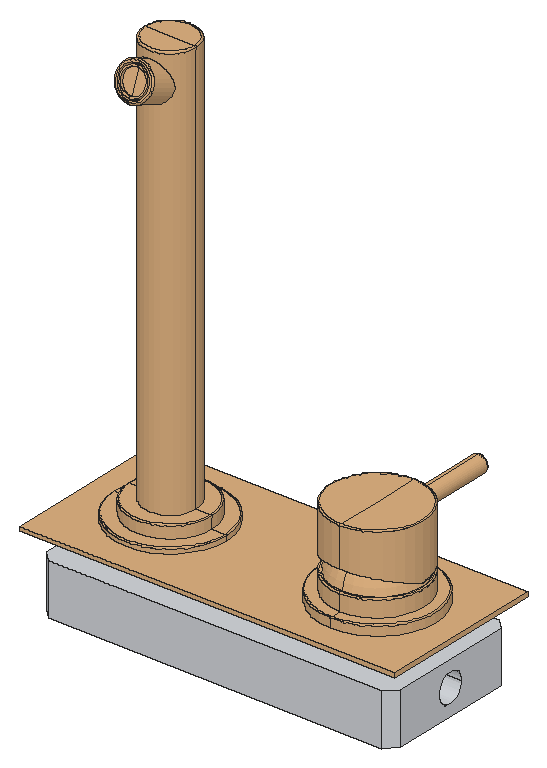
Revit family "Reece_Tap_Sussex_Scala_Straight_Basin Mixer System", category Plumbing Fixtures, host Face, Revit 2018
Family settings
  Host = Face
  Round Connector Dimension = Use Diameter
  Part Type = Normal
  Cut with Voids When Loaded = No
  Shared = Yes
  Room Calculation Point = Yes
Parameters (values of type "200 mm_6 Star_Right Hand_Living Tumbled Brass")
  WFU = 0  # constant formula
  URL = "https://www.reece.com.au/product/-2263171"
  Type Comments = "Tap"
  Reece_Tap_Reach = 200 mm
  Reece_Tap_Outlet_Reach = Reece_Tap_Reach - 2 mm  # 198 mm
  Reece_Tap_Inlet = 12 mm  # constant formula
  Reece_Tap_Handle_Projection = 84 mm  # constant formula
  Reece_Tap_Handle_Top_Height = 27 mm  # constant formula
  Reece_Tap_Handle_Height = 42.3 mm  # constant formula
  Reece_Tap_Handle_Bottom_Height = 13 mm  # constant formula
  Reece_Tap_Clearance = 67 mm  # constant formula
  Reece_Detail_Disclaimer = "THIS FILE IS THE PROPERTY OF THE REECE GROUP. IT MAY NOT BE REPRODUCED, REVERSE-ENGINEERED OR MODIFIED. ANY REPUBLICATION, TRANSMISSION OR DISTRIBUTION FOR THE PURPOSE OF COMMERCIALLY EXPLOITING THE FILES IS PROHIBITED."  # constant formula
  Reece_Connector_Top = if(Reece_Connector_Switch, 125 mm, 55 mm)  # 55 mm
  Reece_Connector_Switch = no
  Reece_Connector_Side = if(Reece_Connector_Switch, 175 mm, 5 mm)  # 5 mm
  Reece_Connector_Angle = if(Reece_Connector_Switch, 0.00°, 180.00°)  # 180.00°
  Reece_Backplate_Spout_Thickness = 8.5 mm  # constant formula
  Reece_Right_Void = 24 mm
  Reece_Right Hand = not(Reece_Left Hand)  # yes
  Reece_Product_Web Page = "https://www.reece.com.au/product/-2263171"
  Reece_Product_Type = "Tap"  # constant formula
  Reece_Product_Sub Brand = "Scala"  # constant formula
  Reece_Product_Number = "2263171"
  Reece_Product_Mount = "Wall Mounted"
  Reece_Product_Description = "Sussex Scala Straight Wall Basin Mixer Tap System Right Hand Mixer Tap 200mm Outlet Living Tumbled Brass (6 Star)"
  Reece_Product_Brand = "Sussex"  # constant formula
  Reece_Plumbing_Right_Void_Length = 25 mm
  Reece_Plumbing_Left_Void_Length = 3 mm
  Reece_Overall_Width = 80 mm  # constant formula
  Reece_Overall_Projection = 210 mm
  Reece_Overall_Length = 180 mm  # constant formula
  Reece_Overall_Diameter = 56 mm  # constant formula
  Reece_Material_Main = Reece_Brass_Living Tumbled
  Reece_Left_Void = 12.5 mm
  Reece_Left Hand = no
  Reece_Detail_Shape = "Straight"  # constant formula
  Reece_Detail_Installation = "Right Hand"
  Reece_Detail_Additional = "Basin Mixer System"  # constant formula
  Reece_Backplate_Thickness = 10 mm  # constant formula
  Model = "Scala"
  Manufacturer = "Sussex"
  Keynote = "Product #2263171, Reece_Tap_Sussex_Scala_Straight_Basin Mixer System - 200 mm_6 Star_Right Hand_Living Tumbled Brass"
  HWFU = 0  # constant formula
  Disclaimer = "THIS FILE IS THE PROPERTY OF THE REECE GROUP. IT MAY NOT BE REPRODUCED, REVERSE-ENGINEERED OR MODIFIED. ANY REPUBLICATION, TRANSMISSION OR DISTRIBUTION FOR THE PURPOSE OF COMMERCIALLY EXPLOITING THE FILES IS PROHIBITED."  # constant formula
  Description = "Scala Straight Wall Basin Mixer Tap System Right Hand Mixer Tap 200mm Outlet Living Tumbled Brass (6 Star)"
  Default Elevation = 1000 mm
  CWFU = 0  # constant formula
Types (15, lengths in mm): name | URL | Reece_Tap_Reach | Reece_Tap_Outlet_Reach | Reece_Connector_Top | Reece_Connector_Switch | Reece_Connector_Side | Reece_Connector_Angle | Reece_Right_Void | Reece_Right Hand | Reece_Product_Web Page | Reece_Product_Number | Reece_Product_Description | Reece_Plumbing_Right_Void_Length | Reece_Plumbing_Left_Void_Length | Reece_Overall_Projection | Reece_Material_Main | Reece_Left_Void | Reece_Left Hand | Reece_Detail_Installation | Keynote | Description
  160 mm_6 Star_Left Hand_Chrome | "https://www.reece.com.au/product/-2262956" | 160 | 158 | 125 | yes | 175 | 0.00° | 12.5 | no | "https://www.reece.com.au/product/-2262956" | "2262956" | "Sussex Scala Straight Wall Basin Mixer Tap System Left Hand Mixer Tap 160mm Outlet Chrome (6 Star)" | 3 | 25 | 170 | Reece_Brass_Chrome | 24 | yes | "Left Hand" | "Product #2262956, Reece_Tap_Sussex_Scala_Straight_Basin Mixer System - 160 mm_6 Star_Left Hand_Chrome" | "Scala Straight Wall Basin Mixer Tap System Left Hand Mixer Tap 160mm Outlet Chrome (6 Star)"
  160 mm_6 Star_Left Hand_PVD Brushed Platinum Gold | "https://www.reece.com.au/product/-2268233" | 160 | 158 | 125 | yes | 175 | 0.00° | 12.5 | no | "https://www.reece.com.au/product/-2268233" | "2268233" | "Sussex Scala Straight Wall Basin Mixer Tap System Left Hand Mixer Tap 160mm Outlet LUX PVD Brushed Platinum Gold (6 Star)" | 3 | 25 | 170 | Reece_PVD_Brushed_Platinum Gold | 24 | yes | "Left Hand" | "Product #2268233, Reece_Tap_Sussex_Scala_Straight_Basin Mixer System - 160 mm_6 Star_Left Hand_PVD Brushed Platinum Gold" | "Scala Straight Wall Basin Mixer Tap System Left Hand Mixer Tap 160mm Outlet LUX PVD Brushed Platinum Gold (6 Star)"
  200 mm_6 Star_Left Hand_Chrome | "https://www.reece.com.au/product/-2262958" | 200 | 198 | 125 | yes | 175 | 0.00° | 12.5 | no | "https://www.reece.com.au/product/-2262958" | "2262958" | "Sussex Scala Straight Wall Basin Mixer Tap System Left Hand Mixer Tap 200mm Outlet Chrome (6 Star)" | 3 | 25 | 210 | Reece_Brass_Chrome | 24 | yes | "Left Hand" | "Product #2262958, Reece_Tap_Sussex_Scala_Straight_Basin Mixer System - 200 mm_6 Star_Left Hand_Chrome" | "Scala Straight Wall Basin Mixer Tap System Left Hand Mixer Tap 200mm Outlet Chrome (6 Star)"
  200 mm_6 Star_Left Hand_PVD Brushed Platinum Gold | "https://www.reece.com.au/product/-2268234" | 200 | 198 | 125 | yes | 175 | 0.00° | 12.5 | no | "https://www.reece.com.au/product/-2268234" | "2268234" | "Sussex Scala Straight Wall Basin Mixer Tap System Left Hand Mixer Tap 200mm Outlet LUX PVD Brushed Platinum Gold (6 Star)" | 3 | 25 | 210 | Reece_PVD_Brushed_Platinum Gold | 24 | yes | "Left Hand" | "Product #2268234, Reece_Tap_Sussex_Scala_Straight_Basin Mixer System - 200 mm_6 Star_Left Hand_PVD Brushed Platinum Gold" | "Scala Straight Wall Basin Mixer Tap System Left Hand Mixer Tap 200mm Outlet LUX PVD Brushed Platinum Gold (6 Star)"
  250 mm_6 Star_Left Hand_Chrome | "https://www.reece.com.au/product/-2262960" | 250 | 248 | 125 | yes | 175 | 0.00° | 12.5 | no | "https://www.reece.com.au/product/-2262960" | "2262960" | "Sussex Scala Straight Wall Basin Mixer Tap System Left Hand Mixer Tap 250mm Outlet Chrome (6 Star)" | 3 | 25 | 260 | Reece_Brass_Chrome | 24 | yes | "Left Hand" | "Product #2262960, Reece_Tap_Sussex_Scala_Straight_Basin Mixer System - 250 mm_6 Star_Left Hand_Chrome" | "Scala Straight Wall Basin Mixer Tap System Left Hand Mixer Tap 250mm Outlet Chrome (6 Star)"
  250 mm_6 Star_Left Hand_PVD Brushed Platinum Gold | "https://www.reece.com.au/product/-2268235" | 250 | 248 | 125 | yes | 175 | 0.00° | 12.5 | no | "https://www.reece.com.au/product/-2268235" | "2268235" | "Sussex Scala Straight Wall Basin Mixer Tap System Left Hand Mixer Tap 250mm Outlet LUX PVD Brushed Platinum Gold (6 Star)" | 3 | 25 | 260 | Reece_PVD_Brushed_Platinum Gold | 24 | yes | "Left Hand" | "Product #2268235, Reece_Tap_Sussex_Scala_Straight_Basin Mixer System - 250 mm_6 Star_Left Hand_PVD Brushed Platinum Gold" | "Scala Straight Wall Basin Mixer Tap System Left Hand Mixer Tap 250mm Outlet LUX PVD Brushed Platinum Gold (6 Star)"
  160 mm_6 Star_Right Hand_Chrome | "https://www.reece.com.au/product/-2262957" | 160 | 158 | 55 | no | 5 | 180.00° | 24 | yes | "https://www.reece.com.au/product/-2262957" | "2262957" | "Sussex Scala Straight Wall Basin Mixer Tap System Right Hand Mixer Tap 160mm Outlet Chrome (6 Star)" | 25 | 3 | 170 | Reece_Brass_Chrome | 12.5 | no | "Right Hand" | "Product #2262957, Reece_Tap_Sussex_Scala_Straight_Basin Mixer System - 160 mm_6 Star_Right Hand_Chrome" | "Scala Straight Wall Basin Mixer Tap System Right Hand Mixer Tap 160mm Outlet Chrome (6 Star)"
  160 mm_6 Star_Right Hand_PVD Brushed Platinum Gold | "https://www.reece.com.au/product/-2268230" | 160 | 158 | 55 | no | 5 | 180.00° | 24 | yes | "https://www.reece.com.au/product/-2268230" | "2268230" | "Sussex Scala Straight Wall Basin Mixer Tap System Right Hand Mixer Tap 160mm Outlet LUX PVD Brushed Platinum Gold (6 Star)" | 25 | 3 | 170 | Reece_PVD_Brushed_Platinum Gold | 12.5 | no | "Right Hand" | "Product #2268230, Reece_Tap_Sussex_Scala_Straight_Basin Mixer System - 160 mm_6 Star_Right Hand_PVD Brushed Platinum Gold" | "Scala Straight Wall Basin Mixer Tap System Right Hand Mixer Tap 160mm Outlet LUX PVD Brushed Platinum Gold (6 Star)"
  200 mm_6 Star_Right Hand_Brushed Gunmetal | "https://www.reece.com.au/product/-2263168" | 200 | 198 | 55 | no | 5 | 180.00° | 24 | yes | "https://www.reece.com.au/product/-2263168" | "2263168" | "Sussex Scala Straight Wall Basin Mixer Tap System Right Hand Mixer Tap 200mm Outlet Brushed Gunmetal (6 Star)" | 25 | 3 | 210 | Reece_Brass_Brushed Gunmetal | 12.5 | no | "Right Hand" | "Product #2263168, Reece_Tap_Sussex_Scala_Straight_Basin Mixer System - 200 mm_6 Star_Right Hand_Brushed Gunmetal" | "Scala Straight Wall Basin Mixer Tap System Right Hand Mixer Tap 200mm Outlet Brushed Gunmetal (6 Star)"
  200 mm_6 Star_Right Hand_Chrome | "https://www.reece.com.au/product/-2262959" | 200 | 198 | 55 | no | 5 | 180.00° | 24 | yes | "https://www.reece.com.au/product/-2262959" | "2262959" | "Sussex Scala Straight Wall Basin Mixer Tap System Right Hand Mixer Tap 200mm Outlet Chrome (6 Star)" | 25 | 3 | 210 | Reece_Brass_Chrome | 12.5 | no | "Right Hand" | "Product #2262959, Reece_Tap_Sussex_Scala_Straight_Basin Mixer System - 200 mm_6 Star_Right Hand_Chrome" | "Scala Straight Wall Basin Mixer Tap System Right Hand Mixer Tap 200mm Outlet Chrome (6 Star)"
  200 mm_6 Star_Right Hand_PVD Brushed Platinum Gold | "https://www.reece.com.au/product/-2268231" | 200 | 198 | 55 | no | 5 | 180.00° | 24 | yes | "https://www.reece.com.au/product/-2268231" | "2268231" | "Sussex Scala Straight Wall Basin Mixer Tap System Right Hand Mixer Tap 200mm Outlet LUX PVD Brushed Platinum Gold (6 Star)" | 25 | 3 | 210 | Reece_PVD_Brushed_Platinum Gold | 12.5 | no | "Right Hand" | "Product #2268231, Reece_Tap_Sussex_Scala_Straight_Basin Mixer System - 200 mm_6 Star_Right Hand_PVD Brushed Platinum Gold" | "Scala Straight Wall Basin Mixer Tap System Right Hand Mixer Tap 200mm Outlet LUX PVD Brushed Platinum Gold (6 Star)"
  200 mm_6 Star_Right Hand_Matte Black | "https://www.reece.com.au/product/-2263169" | 200 | 198 | 55 | no | 5 | 180.00° | 24 | yes | "https://www.reece.com.au/product/-2263169" | "2263169" | "Sussex Scala Straight Wall Basin Mixer Tap System Right Hand Mixer Tap 200mm Outlet Matte Black (6 Star)" | 25 | 3 | 210 | Reece_Brass_Matte Black | 12.5 | no | "Right Hand" | "Product #2263169, Reece_Tap_Sussex_Scala_Straight_Basin Mixer System - 200 mm_6 Star_Right Hand_Matte Black" | "Scala Straight Wall Basin Mixer Tap System Right Hand Mixer Tap 200mm Outlet Matte Black (6 Star)"
  250 mm_6 Star_Right Hand_Chrome | "https://www.reece.com.au/product/-2262961" | 250 | 248 | 55 | no | 5 | 180.00° | 24 | yes | "https://www.reece.com.au/product/-2262961" | "2262961" | "Sussex Scala Straight Wall Basin Mixer Tap System Right Hand Mixer Tap 250mm Outlet Chrome (6 Star)" | 25 | 3 | 260 | Reece_Brass_Chrome | 12.5 | no | "Right Hand" | "Product #2262961, Reece_Tap_Sussex_Scala_Straight_Basin Mixer System - 250 mm_6 Star_Right Hand_Chrome" | "Scala Straight Wall Basin Mixer Tap System Right Hand Mixer Tap 250mm Outlet Chrome (6 Star)"
  250 mm_6 Star_Right Hand_PVD Brushed Platinum Gold | "https://www.reece.com.au/product/-2268232" | 250 | 248 | 55 | no | 5 | 180.00° | 24 | yes | "https://www.reece.com.au/product/-2268232" | "2268232" | "Sussex Scala Straight Wall Basin Mixer Tap System Right Hand Mixer Tap 250mm Outlet LUX PVD Brushed Platinum Gold (6 Star)" | 25 | 3 | 260 | Reece_PVD_Brushed_Platinum Gold | 12.5 | no | "Right Hand" | "Product #2268232, Reece_Tap_Sussex_Scala_Straight_Basin Mixer System - 250 mm_6 Star_Right Hand_PVD Brushed Platinum Gold" | "Scala Straight Wall Basin Mixer Tap System Right Hand Mixer Tap 250mm Outlet LUX PVD Brushed Platinum Gold (6 Star)"
  200 mm_6 Star_Right Hand_Living Tumbled Brass | "https://www.reece.com.au/product/-2263171" | 200 | 198 | 55 | no | 5 | 180.00° | 24 | yes | "https://www.reece.com.au/product/-2263171" | "2263171" | "Sussex Scala Straight Wall Basin Mixer Tap System Right Hand Mixer Tap 200mm Outlet Living Tumbled Brass (6 Star)" | 25 | 3 | 210 | Reece_Brass_Living Tumbled | 12.5 | no | "Right Hand" | "Product #2263171, Reece_Tap_Sussex_Scala_Straight_Basin Mixer System - 200 mm_6 Star_Right Hand_Living Tumbled Brass" | "Scala Straight Wall Basin Mixer Tap System Right Hand Mixer Tap 200mm Outlet Living Tumbled Brass (6 Star)"
Reference planes
  plane 1 "Center (Front/Back)": y = 0
  plane 2 "Bottom": z = 0
  plane 3 "Center (Left/Right)": x = 0
  plane 4 "Top": z = 200
  plane 5: y = 40
  plane 6: y = -40
  plane 7: x = -90
  plane 8: x = 90
  plane 9: x = -49.8
  plane 10: x = 49.8
  plane 11: y = -67
  plane 12: z = 2
  plane 13: z = -23.75
  plane 14: x = -87
  plane 15: y = 37
  plane 16: y = 15
  plane 17: x = 65
  plane 18: z = 210
  plane 19: y = -22.5
  plane 20: y = 61.5
Forms (mm)
  Extrusion 1, solid, material "Reece_Brass_Living Tumbled" <- "Reece_Material_Main"
    sketch origin (0, 0, 0) x (1, 0, 0) y (0, 1, 0)
      loop
        line (-90, 40) -> (-90, -40) -> (90, -40) -> (90, 40) -> (-90, 40)
    from 0 to 2
  Revolve 2, void
    sketch origin (0, 0, 0) x (1, 0, 0) y (0, 0, 1)
      loop
        line (-49.8, 2) -> (-49.8, -39.258) -> (-37.3, -39.258) -> (-37.3, 2) -> (-49.8, 2)
      axis (-49.8, 2) -> (-49.8, -39.258)
    angle from 0 to 360
  Revolve 3, void
    sketch origin (99.6, 0, 0) x (1, 0, 0) y (0, 0, 1)
      loop
        line (-49.8, 2) -> (-49.8, -41.506) -> (-25.8, -41.506) -> (-25.8, 2) -> (-49.8, 2)
      axis (-49.8, 2) -> (-49.8, -41.506)
    angle from 0 to 360
  Revolve 4, solid, visible <- "Reece_Left Hand"
    sketch origin (-79.101, 0, 1219.2) x (-1, 0, 0) y (0, 0, -1)
      loop
        line (-140.374, 1230.612) -> (-140.374, 1229.603) -> (-139.209, 1229.603) -> (-139.978, 1229.064) -> (-139.209, 1228.526) -> (-139.978, 1227.987) -> (-139.209, 1227.449) -> (-139.978, 1226.91) -> (-139.209, 1226.371) -> (-139.978, 1225.833) -> (-139.209, 1225.294) -> (-139.978, 1224.756) -> (-139.209, 1224.217) -> (-139.978, 1223.678) -> (-139.209, 1223.14) -> (-139.978, 1222.601) -> (-139.209, 1222.063) -> (-139.978, 1221.524) -> (-139.209, 1220.985) -> (-139.978, 1220.447) -> (-139.209, 1219.908) -> (-139.978, 1219.37) -> (-139.209, 1218.831) -> (-139.978, 1218.292) -> (-139.209, 1217.754) -> (-140, 1217.2) -> (-128.901, 1217.2) -> (-128.901, 1230.612) -> (-140.374, 1230.612)
      axis (-128.901, 1217.2) -> (-128.901, 1230.612)
    angle from 0 to 360
  Extrusion 5, solid
    sketch origin (0, 0, 0) x (1, 0, 0) y (0, 1, 0)
      loop
        line (-85, 30) -> (-85, -30) -> (-80, -35) -> (80, -35) -> (85, -30) -> (85, 30) -> (80, 35) -> (-80, 35) -> (-85, 30)
    from -36.057 to -11.412
  Extrusion 6, void
    sketch origin (0, 0, 0) x (1, 0, 0) y (0, 1, 0)
      loop
        line (-90, 40) -> (-90, -40) -> (90, -40) -> (90, 40) -> (-90, 40)
    from -46.112 to 0
  Revolve 7, solid, visible <- "Reece_Left Hand"
    sketch origin (0, 0, 0) x (1, 0, 0) y (0, 0, 1)
      loop
        line (-49.8, 2) -> (-49.8, -11.412) -> (-27.752, -11.412) -> (-27.752, 2) -> (-49.8, 2)
      axis (-49.8, 2) -> (-49.8, -11.412)
    angle from 0 to 360
  Revolve 8, solid, visible <- "Reece_Right Hand"
    sketch origin (99.6, 0, 0) x (1, 0, 0) y (0, 0, 1)
      loop
        line (-49.8, 2) -> (-49.8, -11.412) -> (-27.752, -11.412) -> (-27.752, 2) -> (-49.8, 2)
      axis (-49.8, 2) -> (-49.8, -11.412)
    angle from 0 to 360
  Revolve 9, solid, visible <- "Reece_Right Hand"
    sketch origin (79.101, 0, 1219.2) x (1, 0, 0) y (0, 0, 1)
      loop
        line (-140.374, -1230.612) -> (-128.901, -1230.612) -> (-128.901, -1217.2) -> (-140, -1217.2) -> (-139.209, -1217.754) -> (-139.978, -1218.292) -> (-139.209, -1218.831) -> (-139.978, -1219.37) -> (-139.209, -1219.908) -> (-139.978, -1220.447) -> (-139.209, -1220.985) -> (-139.978, -1221.524) -> (-139.209, -1222.063) -> (-139.978, -1222.601) -> (-139.209, -1223.14) -> (-139.978, -1223.678) -> (-139.209, -1224.217) -> (-139.978, -1224.756) -> (-139.209, -1225.294) -> (-139.978, -1225.833) -> (-139.209, -1226.371) -> (-139.978, -1226.91) -> (-139.209, -1227.449) -> (-139.978, -1227.987) -> (-139.209, -1228.526) -> (-139.978, -1229.064) -> (-139.209, -1229.603) -> (-140.374, -1229.603) -> (-140.374, -1230.612)
      axis (-128.901, -1217.2) -> (-128.901, -1230.612)
    angle from 0 to 360
  Revolve 10, void
    sketch origin (0, 0, -23.75) x (1, 0, 0) y (0, 1, 0)
      loop
        line (34.8, 15) -> (41.8, 15) -> (41.8, 40) -> (34.8, 40) -> (34.8, 15)
      axis (34.8, 40) -> (34.8, 15)
    angle from 0 to 360
  Revolve 11, void
    sketch origin (0, 0, -23.5) x (1, 0, 0) y (0, 1, 0)
      loop
        line (65, 0) -> (90, 0) -> (90, 7) -> (65, 7) -> (65, 0)
      axis (65, 0) -> (90, 0)
    angle from 0 to 360
  Revolve 12, void
    sketch origin (0, 0, -23.75) x (-1, 0, 0) y (0, -1, 0)
      loop
        line (34.8, -37) -> (34.8, -40) -> (41.8, -40) -> (41.8, -37) -> (34.8, -37)
      axis (34.8, -40) -> (34.8, -37)
    angle from 0 to 360
  Revolve 13, void
    sketch origin (0, 0, -23.5) x (-1, 0, 0) y (0, -1, 0)
      loop
        line (87, 0) -> (87, -7) -> (90, -7) -> (90, 0) -> (87, 0)
      axis (87, 0) -> (90, 0)
    angle from 0 to 360
Cuts and joins
  Revolve 2, Revolve 3, Revolve 10 cuts Extrusion 1
  Revolve 10 cuts Revolve 8
  Revolve 10, Revolve 11, Revolve 12, Revolve 13 cuts Extrusion 5
Lines and regions (mm)
  reference lines
    curve 1: line (67, 0, -23.75) -> (85, 0, -23.75)
    curve 2: line (35, 35, -23.75) -> (35, 30, -23.75)
Text (mm)
  text "Reece Copyright © 2018, Reece Ltd." at (-184.095, -168.531, 0), in view "Ref. Level"
  text "Reece ©" at (44.384, 258.95, 192.345), in view "Reece Preview"
Dimensions and locks
  "Reece_Tap_Reach": plane 4 "Top" to plane 2 "Bottom"
  "Reece_Overall_Width": plane 6 to plane 5
  "Reece_Overall_Length": plane 7 to plane 8
  plane 9 to plane 10 = 99.6 mm
  "Reece_Tap_Clearance": plane 11 to plane 1 "Center (Front/Back)"
  plane 4 "Top" to plane 2 "Bottom" = 200 mm
  plane 10 to plane 9 = 99.6 mm
  plane 2 "Bottom" to plane 4 "Top" = 200 mm
  "Reece_Tap_Clearance": plane 1 "Center (Front/Back)" to plane 11
  "Reece_Left_Void": Revolve 2 sketch curve to Revolve 2 sketch curve
  "Reece_Right_Void": Revolve 3 sketch curve to Revolve 3 sketch curve
  "Reece_Plumbing_Left_Void_Length": plane 7 to plane 14
  "Reece_Plumbing_Left_Void_Length": plane 15 to plane 5
  "Reece_Plumbing_Right_Void_Length": plane 5 to plane 16
  "Reece_Plumbing_Right_Void_Length": plane 17 to plane 8
  "Reece_Overall_Projection": plane 18 to plane 2 "Bottom"
  "Reece_Tap_Handle_Projection": plane 19 to plane 20
  locked: plane 7 to plane 3 "Center (Left/Right)" at 90
  "Reece_Connector_Side": curve 1 to plane 8
  "Reece_Connector_Top": curve 2 to plane 8
  locked: curve 2 to plane 20 at 26.5
  "Reece_Connector_Angle": angle curve 1 to plane 1 "Center (Front/Back)"
  aligned and locked: plane 2 "Bottom" to host face
  aligned and locked: level to host face
  aligned and locked: plane 10 to nested 2
  aligned and locked: plane 1 "Center (Front/Back)" to nested 2
  aligned and locked: plane 5 to Revolve 10 sketch curve
  aligned and locked: plane 7 to Revolve 13
  aligned and locked: plane 15 to cut or joined group of Extrusion 5, Revolve 10, Revolve 11, Revolve 12, Revolve 13
  aligned and locked: plane 16 to cut or joined group of Extrusion 5, Revolve 10, Revolve 11, Revolve 12, Revolve 13
  aligned and locked: plane 17 to cut or joined group of Extrusion 5, Revolve 10, Revolve 11, Revolve 12, Revolve 13
  aligned and locked: plane 14 to Revolve 13
Automatic sketch dimensions
  host sketch curve to host sketch curve = 380.785 mm
  host sketch curve to host sketch curve = 317.421 mm
  plane 6 to Extrusion 1 sketch curve = 0 mm
  Extrusion 1 sketch curve to plane 7 = 0 mm
  Extrusion 1 sketch curve to plane 8 = 0 mm
  plane 5 to Extrusion 1 sketch curve = 0 mm
  Revolve 4 sketch curve to plane 12 = 0 mm
  Revolve 4 sketch curve to plane 10 = 0 mm  (x2)
  level to Revolve 4 sketch curve = 0.369 mm
  plane 10 to Revolve 4 sketch curve = 10.308 mm
  Revolve 4 sketch curve to plane 12 = 0.554 mm
  Revolve 4 sketch curve to Revolve 4 sketch curve = 0 mm  (x11)
  Revolve 4 sketch curve to level = 0.708 mm
  Revolve 4 sketch curve to level = 1.785 mm
  Revolve 4 sketch curve to level = 2.863 mm
  Revolve 4 sketch curve to level = 3.94 mm
  Revolve 4 sketch curve to level = 5.017 mm
  Revolve 4 sketch curve to Revolve 4 sketch curve = 0.769 mm  (x11)
  Revolve 4 sketch curve to level = 4.478 mm
  Revolve 4 sketch curve to level = 3.401 mm
  Revolve 4 sketch curve to level = 2.324 mm
  Revolve 4 sketch curve to level = 1.247 mm
  Revolve 4 sketch curve to level = 0.17 mm
  level to Revolve 4 sketch curve = 0.908 mm
  Revolve 4 sketch curve to Revolve 4 sketch curve = 0.791 mm
  Revolve 4 sketch curve to Revolve 4 sketch curve = 0.397 mm
  Revolve 4 sketch curve to Revolve 4 sketch curve = 0.539 mm  (x10)
  Revolve 4 sketch curve to Revolve 4 sketch curve = 1.009 mm
  Revolve 4 sketch curve to Revolve 4 sketch curve = 6.93 mm
  Revolve 4 sketch curve to plane 13 = 13.767 mm
  Extrusion 5 sketch curve to plane 7 = 5 mm
  plane 5 to Extrusion 5 sketch curve = 5 mm
  Extrusion 5 sketch curve to Extrusion 5 sketch curve = 5 mm  (x6)
  Extrusion 5 sketch curve to plane 6 = 5 mm
  plane 8 to Extrusion 5 sketch curve = 10 mm  (x2)
  plane 8 to Extrusion 5 sketch curve = 5 mm
  plane 6 to Extrusion 6 sketch curve = 0 mm
  Extrusion 6 sketch curve to plane 7 = 0 mm
  Extrusion 6 sketch curve to plane 8 = 0 mm
  plane 5 to Extrusion 6 sketch curve = 0 mm
  Revolve 7 sketch curve to plane 9 = 0 mm  (x2)
  Revolve 7 sketch curve to plane 12 = 0 mm
  plane 9 to Revolve 7 sketch curve = 22.048 mm
  Revolve 7 sketch curve to level = 11.412 mm
  Revolve 7 sketch curve to level = 3 mm
  plane 13 to Revolve 7 sketch curve = 5.75 mm
  Revolve 8 sketch curve to plane 10 = 0 mm  (x2)
  Revolve 8 sketch curve to plane 12 = 0 mm
  plane 8 to Revolve 8 sketch curve = 18.152 mm
  Revolve 8 sketch curve to level = 11.412 mm
  Revolve 8 sketch curve to level = 3 mm
  plane 13 to Revolve 8 sketch curve = 5.75 mm
  Revolve 9 sketch curve to plane 12 = 0 mm
  Revolve 9 sketch curve to plane 9 = 0 mm  (x2)
  level to Revolve 9 sketch curve = 0.369 mm
  Revolve 9 sketch curve to plane 9 = 10.308 mm
  Revolve 9 sketch curve to plane 12 = 0.554 mm
  Revolve 9 sketch curve to Revolve 9 sketch curve = 0 mm  (x11)
  Revolve 9 sketch curve to level = 0.708 mm
  Revolve 9 sketch curve to level = 1.785 mm
  Revolve 9 sketch curve to level = 2.863 mm
  Revolve 9 sketch curve to level = 3.94 mm
  Revolve 9 sketch curve to level = 5.017 mm
  Revolve 9 sketch curve to Revolve 9 sketch curve = 0.769 mm  (x11)
  Revolve 9 sketch curve to level = 4.478 mm
  Revolve 9 sketch curve to level = 3.401 mm
  Revolve 9 sketch curve to level = 2.324 mm
  Revolve 9 sketch curve to level = 1.247 mm
  Revolve 9 sketch curve to level = 0.17 mm
  level to Revolve 9 sketch curve = 0.908 mm
  Revolve 9 sketch curve to Revolve 9 sketch curve = 0.791 mm
  Revolve 9 sketch curve to Revolve 9 sketch curve = 0.397 mm
  Revolve 9 sketch curve to Revolve 9 sketch curve = 0.539 mm  (x10)
  Revolve 9 sketch curve to Revolve 9 sketch curve = 1.009 mm
  Revolve 9 sketch curve to plane 13 = 13.767 mm
  Revolve 9 sketch curve to Revolve 9 sketch curve = 6.93 mm
  Revolve 10 sketch curve to plane 10 = 15 mm
  Revolve 10 sketch curve to Revolve 10 sketch curve = 7 mm
  Revolve 10 sketch curve to plane 1 "Center (Front/Back)" = 15 mm
  Revolve 10 sketch curve to Revolve 10 sketch curve = 0 mm
  Revolve 10 sketch curve to Revolve 10 sketch curve = 9.784 mm
  Revolve 10 sketch curve to Revolve 10 sketch curve = 8 mm
  plane 1 "Center (Front/Back)" to Revolve 11 sketch curve = 0 mm  (x2)
  Revolve 11 sketch curve to plane 8 = 0 mm
  plane 10 to Revolve 11 sketch curve = 15.2 mm
  Revolve 11 sketch curve to Revolve 11 sketch curve = 7 mm
  plane 8 to Revolve 11 sketch curve = 10 mm
  Revolve 11 sketch curve to Revolve 11 sketch curve = 10 mm
  plane 5 to Revolve 12 sketch curve = 0 mm
  plane 9 to Revolve 12 sketch curve = 15 mm
  Revolve 12 sketch curve to Revolve 12 sketch curve = 7 mm
  Revolve 12 sketch curve to plane 1 "Center (Front/Back)" = 37 mm
  Revolve 12 sketch curve to Revolve 12 sketch curve = 0 mm
  Revolve 12 sketch curve to plane 5 = 8 mm
  Revolve 12 sketch curve to Revolve 12 sketch curve = 13.357 mm
  plane 1 "Center (Front/Back)" to Revolve 13 sketch curve = 0 mm  (x2)
  Revolve 13 sketch curve to plane 7 = 0 mm
  Revolve 13 sketch curve to plane 9 = 37.2 mm
  Revolve 13 sketch curve to Revolve 13 sketch curve = 7 mm
  Revolve 13 sketch curve to Revolve 13 sketch curve = 10 mm
  plane 7 to Revolve 13 sketch curve = 10 mm
  Revolve 2 sketch curve to plane 9 = 0 mm  (x2)
  Revolve 2 sketch curve to plane 12 = 0 mm
  Revolve 2 sketch curve to plane 13 = 15.508 mm
  plane 13 to Revolve 2 sketch curve = 3.265 mm
  Revolve 2 sketch curve to Revolve 2 sketch curve = 1.228 mm
  Revolve 3 sketch curve to plane 10 = 0 mm  (x2)
  Revolve 3 sketch curve to plane 12 = 0 mm
  Revolve 3 sketch curve to plane 13 = 17.756 mm
  plane 13 to Revolve 3 sketch curve = 3.265 mm
  Revolve 3 sketch curve to Revolve 3 sketch curve = 1.02 mm
  plane 1 "Center (Front/Back)" to curve 1 = 0 mm
  curve 2 to curve 2 = 5 mm
Nested families
  nested 1: "Reece_Tap_Sussex_Scala_Mixer_Nested" at (-49.8, 0, 2), visible <- "Reece_Left Hand", Reece_Material_Main <- "Reece_Material_Main", Reece_Overall_Diameter <- "Reece_Overall_Diameter", Reece_Tap_Handle_Height <- "Reece_Tap_Handle_Height", Reece_Tap_Handle_Top_Height <- "Reece_Tap_Handle_Top_Height", Reece_Tap_Handle_Bottom_Height <- "Reece_Tap_Handle_Bottom_Height", Reece_Tap_Projection <- "Reece_Tap_Handle_Projection", type "Reece_Tap_Sussex_Scala_Mixer_Nested"
    with Reece_Tap_Projection 84 mm, Reece_Tap_Handle_Top_Height 27 mm, Reece_Tap_Handle_Height 42.3 mm, Reece_Tap_Handle_Bottom_Height 13 mm, Reece_Overall_Diameter 56 mm, Reece_Material_Main Reece_Brass_Living Tumbled
  nested 2: "Reece_Tap_Sussex_Scala_Mixer_Nested" at (49.8, 0, 2), visible <- "Reece_Right Hand", Reece_Material_Main <- "Reece_Material_Main", Reece_Overall_Diameter <- "Reece_Overall_Diameter", Reece_Tap_Handle_Height <- "Reece_Tap_Handle_Height", Reece_Tap_Handle_Top_Height <- "Reece_Tap_Handle_Top_Height", Reece_Tap_Handle_Bottom_Height <- "Reece_Tap_Handle_Bottom_Height", Reece_Tap_Projection <- "Reece_Tap_Handle_Projection", type "Reece_Tap_Sussex_Scala_Mixer_Nested"
    with Reece_Tap_Projection 84 mm, Reece_Tap_Handle_Top_Height 27 mm, Reece_Tap_Handle_Height 42.3 mm, Reece_Tap_Handle_Bottom_Height 13 mm, Reece_Overall_Diameter 56 mm, Reece_Material_Main Reece_Brass_Living Tumbled
  nested 3: "Reece_Tap_Sussex_Scala_Outlet_Nested" at (49.8, 0, 0.844), visible <- "Reece_Left Hand", Reece_Tap_Reach <- "Reece_Tap_Outlet_Reach", Reece_Material_Main <- "Reece_Material_Main", Reece_Overall_Projection <- "Reece_Overall_Projection", Reece_Backplate_Spout_Thickness <- "Reece_Backplate_Spout_Thickness", type "Reece_Tap_Sussex_Scala_Outlet_Nested"
    with Reece_Tap_Reach 198 mm, Reece_Overall_Projection 210 mm, Reece_Material_Main Reece_Brass_Living Tumbled, Reece_Backplate_Spout_Thickness 8.5 mm, Default Elevation 1000 mm
  nested 4: "Reece_Tap_Sussex_Scala_Outlet_Nested" at (-49.8, 0, 0.844), visible <- "Reece_Right Hand", Reece_Tap_Reach <- "Reece_Tap_Outlet_Reach", Reece_Material_Main <- "Reece_Material_Main", Reece_Overall_Projection <- "Reece_Overall_Projection", Reece_Backplate_Spout_Thickness <- "Reece_Backplate_Spout_Thickness", type "Reece_Tap_Sussex_Scala_Outlet_Nested"
    with Reece_Tap_Reach 198 mm, Reece_Overall_Projection 210 mm, Reece_Material_Main Reece_Brass_Living Tumbled, Reece_Backplate_Spout_Thickness 8.5 mm, Default Elevation 1000 mm
Connectors
  piping at (35, 35, -23.75), diameter 12, driven by "Reece_Tap_Inlet"
    settings: on curve 2, index 1, connector inside diameter 609.6 mm, connector length 0 mm, flow factor 0, pipe flow 0.0 L/s, pressure drop 0.0 Pa, fitting loss kfactor 0, connector angle 0.00°, fixture units 0, engagement length 0 mm, angle of deflection 0.00°, flow configuration 0, flow direction 1, fitting loss method 0, system type 29, joint type 0, gender type 0, connector reference index -1, connector utility 0, adjustable connector no, is connector primary yes, connector description ""
  piping at (85, 0, -23.75), diameter 12, driven by "Reece_Tap_Inlet"
    settings: on curve 1, index 2, connector inside diameter 609.6 mm, connector length 0 mm, flow factor 0, pipe flow 0.0 L/s, pressure drop 0.0 Pa, fitting loss kfactor 0, connector angle 0.00°, fixture units 0, engagement length 0 mm, angle of deflection 0.00°, flow configuration 0, flow direction 1, fitting loss method 0, system type 29, joint type 0, gender type 0, connector reference index -1, connector utility 0, adjustable connector no, is connector primary no, connector description ""
Definition of nested family "Reece_Tap_Sussex_Scala_Mixer_Nested"
  Parameters (values of type "Reece_Tap_Sussex_Scala_Mixer_Nested")
    Waste Connection = no
    WFU = 0
    Vent Connection = no
    URL = ""
    Type Comments = ""
    Reece_Tap_Projection [instance] = 85 mm
    Reece_Tap_Handle_Top_Height [instance] = 30 mm
    Reece_Tap_Handle_Height [instance] = 46.4 mm
    Reece_Tap_Handle_Bottom_Height [instance] = 15 mm
    Reece_Overall_Diameter [instance] = 55 mm
    Reece_Material_Main [instance] = none
    Model = ""
    Manufacturer = ""
    Keynote = ""
    HWFU = 0
    HW Connection = no
    Description = ""
    Default Elevation = 0 mm
    Cost = 0
    CWFU = 0
    CW Connection = no
    Assembly Code = ""
  Reference planes
    plane 1 "Center (Front/Back)": y = 0
    plane 2 "Bottom": z = 0
    plane 3 "Center (Left/Right)": x = 0
    plane 4: y = -27.5
    plane 5: y = 27.5
    plane 6: z = 36
    plane 7: x = -27
    plane 8: x = 27
    plane 9: z = 46.4
    plane 10: z = 16.4
    plane 11: z = 15
    plane 12: z = 4.8
    plane 13: x = -22.5
    plane 14: x = 22.5
    plane 15: y = 22.5
    plane 16: y = -22.5
    plane 17: y = 62.5
  Forms (mm)
    Extrusion 1, solid
      sketch origin (619.2, -619.2, 0) x (1, 0, 0) y (0, 1, 0)
        loop
          line (-809.2, 779.2) -> (-809.2, 461.779) -> (-428.415, 461.779) -> (-428.415, 779.2) -> (-809.2, 779.2)
      from 0 to -9.564
    Revolve 2, solid, material <- "Reece_Material_Main"
      sketch origin (0, 0, 0) x (0, 1, 0) y (0, 0, 1)
        loop
          line (0, 0) -> (0, 15) -> (-22, 15)
          arc (-22, 15) -> (-22.354, 14.854) -> (-22.5, 14.5) r 0.5
          line (-22.5, 14.5) -> (-22.5, 4.8) -> (-27, 4.8)
          arc (-27, 4.8) -> (-27.354, 4.654) -> (-27.5, 4.3) r 0.5
          line (-27.5, 4.3) -> (-27.5, 0) -> (0, 0)
        axis (0, 15) -> (0, 0)
      angle from 0 to 360
    Revolve 3, solid, material <- "Reece_Material_Main"
      sketch origin (0, 0, 0) x (0, 1, 0) y (0, 0, 1)
        loop
          line (0, 15) -> (0, 31.322)
          arc (0, 31.322) -> (-13.307, 26.749) -> (-21.048, 15) r 21.8
          line (-21.048, 15) -> (0, 15)
        axis (0, 31.322) -> (0, 15)
      angle from 0 to 360
    Revolve 4, solid, material <- "Reece_Material_Main"
      sketch origin (0, 0, 0) x (0, 1, 0) y (0, 0, 1)
        loop
          line (0, 46.4) -> (-22, 46.4)
          arc (-22, 46.4) -> (-22.354, 46.254) -> (-22.5, 45.9) r 0.5
          line (-22.5, 45.9) -> (-22.5, 16.9)
          arc (-22.5, 16.9) -> (-22.354, 16.546) -> (-22, 16.4) r 0.5
          line (-22, 16.4) -> (0, 16.4) -> (0, 46.4)
        axis (0, 46.4) -> (0, 16.4)
      angle from 0 to 360
    Extrusion 5, void
      sketch origin (0, 0, 0) x (0, 1, 0) y (0, 0, 1)
        loop
          line (0, 16.4) -> (-25.877, 28.551) -> (-25.877, 16.4) -> (0, 16.4)
      from -27 to 27
    Revolve 6, solid, material <- "Reece_Material_Main"
      sketch origin (0, 0, 30.1) x (0, -1, 0) y (0, 0, -1)
        loop
          line (0, -5.9) -> (-62.5, -5.9) -> (-62.5, -9.4)
          arc (-62.5, -9.4) -> (-62.354, -9.754) -> (-62, -9.9) r 0.5
          line (-62, -9.9) -> (0, -9.9) -> (0, -5.9)
        axis (0, -5.9) -> (-62.5, -5.9)
      angle from 0 to 360
  Cuts and joins
    Extrusion 5 cuts Revolve 4
    joined: Revolve 2, Revolve 3, Revolve 4, Revolve 6
  Text (mm)
    text "Reece Copyright © 2018, Reece Ltd." at (-535.299, -238.73, 0), in view "Ref. Level"
    text "Reece ©" at (44.384, 258.95, 192.345), in view "Reece Preview"
  Dimensions and locks
    "Reece_Overall_Diameter": plane 4 to plane 5
    equal spacing: plane 4, plane 1 "Center (Front/Back)", plane 5
    "Reece_Tap_Handle_Top_Height": plane 9 to plane 10
    "Reece_Tap_Handle_Height": plane 9 to plane 2 "Bottom"
    locked: plane 9 to plane 6 at 10.4
    "Reece_Tap_Handle_Bottom_Height": plane 11 to plane 2 "Bottom"
    plane 12 to Extrusion 1 = 4.8 mm
    plane 13 to plane 14 = 45 mm
    locked: Revolve 2 sketch curve to Revolve 2 sketch curve at 22.5
    locked: cut or joined group of Revolve 2, Revolve 3, Revolve 4, Extrusion 5, Revolve 6 to Revolve 3 sketch curve at 16.322
    locked: Revolve 3 sketch curve to Revolve 3 sketch curve at 21.048
    locked: plane 16 to plane 15 at 45
    "Reece_Tap_Projection": plane 16 to plane 17
    aligned and locked: plane 2 "Bottom" to Extrusion 1
    aligned and locked: level to Extrusion 1
    aligned and locked: cut or joined group of Revolve 2, Revolve 3, Revolve 4, Extrusion 5, Revolve 6 to plane 11
    aligned and locked: Revolve 3 to plane 11  (x2)
    aligned and locked: plane 10 to Revolve 4 sketch curve
    aligned and locked: plane 9 to Revolve 4 sketch curve
    aligned and locked: plane 10 to Extrusion 5 sketch curve
    aligned and locked: Revolve 2 sketch curve to plane 4
    aligned and locked: cut or joined group of Revolve 2, Revolve 3, Revolve 4, Extrusion 5, Revolve 6 to Revolve 4 sketch curve
    aligned and locked: Extrusion 5 to plane 10
    aligned and locked: plane 1 "Center (Front/Back)" to Revolve 4 sketch curve
    aligned and locked: plane 1 "Center (Front/Back)" to Revolve 6 sketch curve
    aligned and locked: Revolve 6 sketch curve to plane 17
  Automatic sketch dimensions
    Extrusion 1 sketch curve to Extrusion 1 sketch curve = 380.785 mm
    Extrusion 1 sketch curve to Extrusion 1 sketch curve = 317.421 mm
    plane 4 to Extrusion 5 sketch curve = 1.623 mm
    Extrusion 5 sketch curve to plane 1 "Center (Front/Back)" = 0 mm
    Extrusion 5 sketch curve to plane 6 = 7.449 mm
    Revolve 4 sketch curve to plane 11 = 0 mm
    Revolve 4 sketch curve to plane 9 = 0.5 mm
    Revolve 4 sketch curve to Revolve 4 sketch curve = 0.5 mm
    Revolve 4 sketch curve to level = 20 mm
    Revolve 3 sketch curve to plane 11 = 0 mm
    Revolve 3 sketch curve to plane 1 "Center (Front/Back)" = 0 mm  (x2)
    Revolve 3 sketch curve to plane 10 = 0 mm
    Revolve 3 sketch curve to plane 1 "Center (Front/Back)" = 0.053 mm
    Revolve 3 sketch curve to Revolve 3 sketch curve = 2.019 mm
    level to Revolve 2 sketch curve = 0 mm
    Revolve 2 sketch curve to plane 12 = 0 mm
    Revolve 2 sketch curve to plane 11 = 0 mm  (x2)
    Revolve 2 sketch curve to plane 1 "Center (Front/Back)" = 0 mm  (x2)
    plane 4 to Revolve 2 sketch curve = 0.5 mm
    Revolve 2 sketch curve to Revolve 2 sketch curve = 0.5 mm
    Revolve 2 sketch curve to level = 20 mm
    Revolve 4 sketch curve to plane 1 "Center (Front/Back)" = 0 mm
    plane 6 to Revolve 6 sketch curve = 0 mm
    Revolve 6 sketch curve to plane 6 = 0 mm
    plane 17 to Revolve 6 sketch curve = 0.5 mm
    plane 6 to Revolve 6 sketch curve = 3.5 mm
    Revolve 6 sketch curve to Revolve 6 sketch curve = 5 mm
    plane 1 "Center (Front/Back)" to Revolve 6 sketch curve = 5 mm
Definition of nested family "Reece_Tap_Sussex_Scala_Outlet_Nested"
  Parameters (values of type "Reece_Tap_Sussex_Scala_Outlet_Nested")
    Waste Connection = no
    WFU = 0
    Vent Connection = no
    URL = ""
    Type Comments = ""
    Reece_Tap_Reach [instance] = 160 mm
    Reece_Backplate_Spout_Thickness [instance] = 9.3 mm
    Reece_Overall_Projection [instance] = 170 mm
    Reece_Material_Main [instance] = none
    Model = ""
    Manufacturer = ""
    Keynote = ""
    HWFU = 0
    HW Connection = no
    Description = ""
    Default Elevation = 0 mm
    Cost = 0
    CWFU = 0
    CW Connection = no
    Assembly Code = ""
  Reference planes
    plane 1 "Center (Front/Back)": y = 0
    plane 2 "Bottom": z = 1.156
    plane 3 "Center (Left/Right)": x = 0
    plane 4: x = -83
    plane 5: x = 83
    plane 6: x = 142.5
    plane 7: z = 161.156
    plane 8: y = 27
    plane 9: y = -27
    plane 10: x = 63
    plane 11: x = 103
    plane 12: z = 171.156
    plane 13: y = -22
    plane 14: x = -12.515
    plane 15: x = 12.515
    plane 16: z = 10.456
  Forms (mm)
    Extrusion 1, solid
      sketch origin (619.2, -619.2, 0) x (1, 0, 0) y (0, 1, 0)
        loop
          line (-809.2, 744.2) -> (-809.2, 511.85) -> (-428.415, 511.85) -> (-428.415, 744.2) -> (-809.2, 744.2)
      from 1.156 to -9.564
    Revolve 2, solid, material <- "Reece_Material_Main"
      sketch origin (0, 0, 0) x (1, 0, 0) y (0, 0, 1)
        loop
          arc (12.5, 170.356) -> (12.266, 170.921) -> (11.7, 171.156) r 0.8
          line (11.7, 171.156) -> (0, 171.156) -> (0, 10.456) -> (12.5, 10.456) -> (12.5, 170.356)
        axis (0, 171.156) -> (0, 10.456)
      angle from 0 to 360
    Revolve 3, solid, material <- "Reece_Material_Main"
      sketch origin (0, -265.32, 38.762) x (0, -0.374607, -0.927184) y (0, 0.927184, -0.374607)
        loop
          line (-212.131, 179.752) -> (-212.131, 183.683) -> (-211.331, 183.683) -> (-211.331, 179.752) -> (-210.502, 179.752) -> (-210.502, 180.591) -> (-204.631, 180.591) -> (-204.631, 202.429) -> (-213.631, 202.429) -> (-213.631, 180.33)
          arc (-213.631, 180.33) -> (-213.462, 179.922) -> (-213.053, 179.752) r 0.578
          line (-213.053, 179.752) -> (-212.131, 179.752)
        axis (-204.631, 202.429) -> (-204.631, 179.752)
      angle from 0 to 360
    Revolve 4, solid, material <- "Reece_Material_Main"
      sketch origin (0, 0, 0) x (1, 0, 0) y (0, 0, 1)
        loop
          line (27, 1.156) -> (27, 3.144)
          arc (27, 3.144) -> (26.85, 3.506) -> (26.488, 3.656) r 0.512
          line (26.488, 3.656) -> (20, 3.656) -> (20, 9.156)
          arc (20, 9.156) -> (19.853, 9.509) -> (19.5, 9.656) r 0.5
          line (19.5, 9.656) -> (11.2, 9.656) -> (11.2, 10.501) -> (0, 10.501) -> (0, 1.156) -> (27, 1.156)
        axis (0, 10.501) -> (0, 1.156)
      angle from 0 to 360
  Cuts and joins
    joined: Revolve 2, Revolve 3
  Text (mm)
    text "Reece Copyright © 2018, Reece Ltd." at (-306.098, -56.836, 0), in view "Ref. Level"
    text "Reece ©" at (44.384, 258.95, 192.345), in view "Reece Preview"
  Dimensions and locks
    plane 4 to plane 5 = 166 mm
    plane 9 to plane 8 = 54 mm
    plane 10 to plane 11 = 40 mm
    plane 12 to plane 7 to plane 2 "Bottom" = 10 mm, 160 mm
    "Reece_Tap_Reach": plane 7 to plane 2 "Bottom"
    plane 2 "Bottom" to plane 12 = 170 mm  (x2)
    plane 7 to plane 12 = 10 mm
    plane 12 to plane 7 = 10 mm
    plane 1 "Center (Front/Back)" to plane 13 = 22 mm
    plane 14 to plane 15 = 25.029 mm
    equal spacing: plane 4, plane 3 "Center (Left/Right)", plane 5
    plane 8 to plane 9 = 54 mm
    "Reece_Overall_Projection": plane 2 "Bottom" to plane 12
    "Reece_Backplate_Spout_Thickness": plane 16 to plane 2 "Bottom"
    aligned and locked: plane 2 "Bottom" to Extrusion 1
    aligned and locked: plane 12 to Revolve 2 sketch curve
    aligned and locked: plane 16 to cut or joined group of Revolve 2, Revolve 3
  Automatic sketch dimensions
    Extrusion 1 sketch curve to Extrusion 1 sketch curve = 380.785 mm
    Extrusion 1 sketch curve to Extrusion 1 sketch curve = 232.35 mm
    plane 7 to Revolve 3 sketch curve = 0.15 mm
    Revolve 3 sketch curve to plane 1 "Center (Front/Back)" = 2.397 mm
    Revolve 3 sketch curve to Revolve 3 sketch curve = 0.578 mm
    Revolve 3 sketch curve to Revolve 3 sketch curve = 0.922 mm
    Revolve 3 sketch curve to Revolve 3 sketch curve = 0.8 mm
    Revolve 3 sketch curve to Revolve 3 sketch curve = 0.829 mm
    Revolve 3 sketch curve to Revolve 3 sketch curve = 5.871 mm
    Revolve 3 sketch curve to Revolve 3 sketch curve = 18.746 mm
    Revolve 3 sketch curve to Revolve 3 sketch curve = 3.092 mm
    Revolve 3 sketch curve to Revolve 3 sketch curve = 0.261 mm
    Revolve 3 sketch curve to Revolve 3 sketch curve = 0 mm  (x2)
    Revolve 3 sketch curve to Revolve 3 sketch curve = 8.179 mm
    Revolve 3 sketch curve to Revolve 3 sketch curve = 8.71 mm
    Revolve 2 sketch curve to plane 3 "Center (Left/Right)" = 0 mm  (x2)
    Revolve 2 sketch curve to plane 15 = 0.815 mm
    Revolve 2 sketch curve to plane 15 = 0.015 mm
    Revolve 2 sketch curve to level = 7.912 mm
    Revolve 4 sketch curve to plane 3 "Center (Left/Right)" = 0 mm  (x2)
    Revolve 4 sketch curve to plane 2 "Bottom" = 0 mm
    Revolve 4 sketch curve to plane 15 = 1.315 mm
    plane 15 to Revolve 4 sketch curve = 6.985 mm
    plane 2 "Bottom" to Revolve 4 sketch curve = 2.5 mm
    Revolve 4 sketch curve to Revolve 4 sketch curve = 0.5 mm
    plane 2 "Bottom" to Revolve 4 sketch curve = 1.988 mm
    Revolve 4 sketch curve to Revolve 4 sketch curve = 6.488 mm
    Revolve 4 sketch curve to level = 7.912 mm
    plane 2 "Bottom" to Revolve 2 sketch curve = 9.3 mm
    Revolve 2 sketch curve to Revolve 2 sketch curve = 1.755 mm
    Revolve 4 sketch curve to Revolve 4 sketch curve = 5.5 mm
    Revolve 4 sketch curve to Revolve 4 sketch curve = 9.345 mm
    Revolve 4 sketch curve to Revolve 4 sketch curve = 1.8 mm
